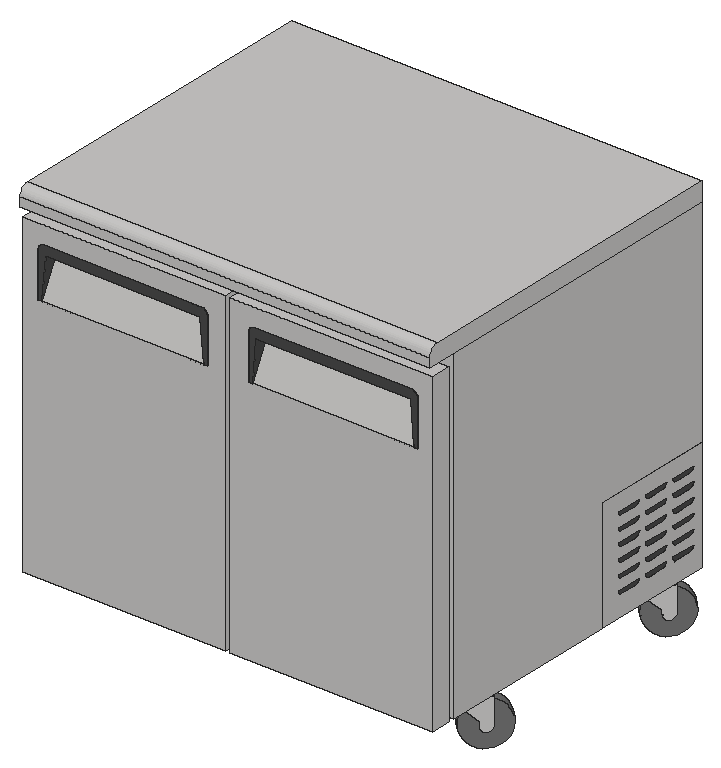
Revit family "QF_Turbo Air_MUR-36", category Specialty Equipment, Revit 2012
Parameters
  Weight in Pounds = 187
  Watermarked By = "http://revitwatermark.com"
  Volts = 115 V
  URL Cutsheet = ""
  URL = "www.turboairinc.com"
  Status [instance] = ""
  Specification by User [instance] = ""
  Specification by Manufacturer [instance] = ""
  Serial Number [instance] = ""
  Revision Code [instance] = ""
  Phase = 1
  Number of Poles [instance] = 1
  NAFEM Spec ID Number [instance] = ""
  Model = "MUR-36"
  Masterspec [instance] = ""
  Manufacturer = "Turbo Air"  # constant formula
  Legs [instance] = [6 inch Legs]  # no
  Item Number [instance] = "-"
  Installed By [instance] = ""
  HP = "1/4"
  Furnished By [instance] = ""
  Foodservice Equipment Identifier = yes
  FL Amps = 6.6 A
  Electrical Remarks [instance] = ""
  Electric Connection Type [instance] = ""
  Elec Conn RI Height [instance] = 0' - 0"
  Elec Conn Connection Height = 1' - 0"
  Description = "Undercounter Refrigerator"
  Cycle = 60 Hz
  Conn Plug = "NEMA 5-15P"
  Casters [instance] = not(Legs)  # yes
  CasterLeg Height [instance] = if([4 inch Casters], 0' 5", if([5 inch Casters], 0' 5 3/4", if([2_5 inch Casters], 0' 3 3/8", 0' 6")))  # 0' - 5"
  CSI MasterFormat = "11 41 13"
  Assembly Code = "E1090320"
  Apparent Power = if(Phase = 3, Volts * FL Amps * 1.73, Volts * FL Amps)  # 759 VA
  6 inch Legs [instance] = no
  5 inch Casters [instance] = no
  4 inch Casters [instance] = yes
  2_5 inch Casters [instance] = no
Reference planes (in)
  plane 1 "BACK": y = 0
  plane 2: z = 0
  plane 3 "LEFT": x = -20.78844
  plane 4 "Bottom": z = 5
  plane 5 "Back Stops": y = 1
  plane 6 "RIGHT": x = 15.46156
  plane 7 "FRONT": y = -30
  plane 8 "Door Clearance": y = -45.75
  plane 9 "Back of Door": y = -27.875
  plane 10 "Front of Box": y = -27.375
  plane 11 "Top of Door": z = 33.125
  plane 12 "TOP": z = 35.625
  plane 13 "Bottom of TOP": z = 34
  plane 14 "Center LR": x = -2.66344
  plane 15: x = -2.47594
  plane 16: x = -2.85094
Forms (in)
  Extrusion 1, solid, material "QF_Finishes_Stainless Steel"
    sketch origin (-20.78844, 0, 0) x (0, 1, 0) y (0, 0, 1)
      loop
        line (0, 5) -> (0, 34) -> (-27.375, 34) -> (-27.375, 5) -> (0, 5)
    from 0 to 36.25
  Extrusion 2, solid, material "QF_Finishes_Black"
    sketch origin (0, -27.375, 0) x (1, 0, 0) y (0, 0, 1)
      loop
        line (-19.78844, 32.125) -> (-19.78844, 6) -> (-3.85094, 6) -> (-3.85094, 32.125) -> (-19.78844, 32.125)
      loop
        line (-1.47594, 32.125) -> (-1.47594, 6) -> (14.46156, 6) -> (14.46156, 32.125) -> (-1.47594, 32.125)
    from 0 to 0.5
  Extrusion 3, void
    sketch origin (15.46156, 0, 0) x (0, 1, 0) y (0, 0, 1)
      loop
        line (0, 5) -> (0, 15) -> (-11, 15) -> (-11, 5) -> (0, 5)
    from 0 to -1
  Extrusion 4, solid, material "QF_Finishes_Stainless Steel"
    sketch origin (15.46156, 0, 0) x (0, 1, 0) y (0, 0, 1)
      loop
        line (-10.875, 14.875) -> (-10.875, 5) -> (0, 5) -> (0, 14.875) -> (-10.875, 14.875)
      loop
        arc (-9.25, 13.5) -> (-9.10355, 13.14645) -> (-8.75, 13) r 0.5
        line (-8.75, 13) -> (-7.25, 13)
        arc (-7.25, 13) -> (-6.89645, 13.14645) -> (-6.75, 13.5) r 0.5
        line (-6.75, 13.5) -> (-9.25, 13.5)
      loop
        arc (-6.25, 13.5) -> (-6.10355, 13.14645) -> (-5.75, 13) r 0.5
        line (-5.75, 13) -> (-4.25, 13)
        arc (-4.25, 13) -> (-3.89645, 13.14645) -> (-3.75, 13.5) r 0.5
        line (-3.75, 13.5) -> (-6.25, 13.5)
      loop
        arc (-3.25, 13.5) -> (-3.10355, 13.14645) -> (-2.75, 13) r 0.5
        line (-2.75, 13) -> (-1.25, 13)
        arc (-1.25, 13) -> (-0.89645, 13.14645) -> (-0.75, 13.5) r 0.5
        line (-0.75, 13.5) -> (-3.25, 13.5)
      loop
        arc (-9.25, 12.25) -> (-9.10355, 11.89645) -> (-8.75, 11.75) r 0.5
        line (-8.75, 11.75) -> (-7.25, 11.75)
        arc (-7.25, 11.75) -> (-6.89645, 11.89645) -> (-6.75, 12.25) r 0.5
        line (-6.75, 12.25) -> (-9.25, 12.25)
      loop
        arc (-6.25, 12.25) -> (-6.10355, 11.89645) -> (-5.75, 11.75) r 0.5
        line (-5.75, 11.75) -> (-4.25, 11.75)
        arc (-4.25, 11.75) -> (-3.89645, 11.89645) -> (-3.75, 12.25) r 0.5
        line (-3.75, 12.25) -> (-6.25, 12.25)
      loop
        arc (-3.25, 12.25) -> (-3.10355, 11.89645) -> (-2.75, 11.75) r 0.5
        line (-2.75, 11.75) -> (-1.25, 11.75)
        arc (-1.25, 11.75) -> (-0.89645, 11.89645) -> (-0.75, 12.25) r 0.5
        line (-0.75, 12.25) -> (-3.25, 12.25)
      loop
        arc (-9.25, 11) -> (-9.10355, 10.64645) -> (-8.75, 10.5) r 0.5
        line (-8.75, 10.5) -> (-7.25, 10.5)
        arc (-7.25, 10.5) -> (-6.89645, 10.64645) -> (-6.75, 11) r 0.5
        line (-6.75, 11) -> (-9.25, 11)
      loop
        arc (-6.25, 11) -> (-6.10355, 10.64645) -> (-5.75, 10.5) r 0.5
        line (-5.75, 10.5) -> (-4.25, 10.5)
        arc (-4.25, 10.5) -> (-3.89645, 10.64645) -> (-3.75, 11) r 0.5
        line (-3.75, 11) -> (-6.25, 11)
      loop
        arc (-3.25, 11) -> (-3.10355, 10.64645) -> (-2.75, 10.5) r 0.5
        line (-2.75, 10.5) -> (-1.25, 10.5)
        arc (-1.25, 10.5) -> (-0.89645, 10.64645) -> (-0.75, 11) r 0.5
        line (-0.75, 11) -> (-3.25, 11)
      loop
        arc (-9.25, 9.75) -> (-9.10355, 9.39645) -> (-8.75, 9.25) r 0.5
        line (-8.75, 9.25) -> (-7.25, 9.25)
        arc (-7.25, 9.25) -> (-6.89645, 9.39645) -> (-6.75, 9.75) r 0.5
        line (-6.75, 9.75) -> (-9.25, 9.75)
      loop
        arc (-6.25, 9.75) -> (-6.10355, 9.39645) -> (-5.75, 9.25) r 0.5
        line (-5.75, 9.25) -> (-4.25, 9.25)
        arc (-4.25, 9.25) -> (-3.89645, 9.39645) -> (-3.75, 9.75) r 0.5
        line (-3.75, 9.75) -> (-6.25, 9.75)
      loop
        arc (-3.25, 9.75) -> (-3.10355, 9.39645) -> (-2.75, 9.25) r 0.5
        line (-2.75, 9.25) -> (-1.25, 9.25)
        arc (-1.25, 9.25) -> (-0.89645, 9.39645) -> (-0.75, 9.75) r 0.5
        line (-0.75, 9.75) -> (-3.25, 9.75)
      loop
        arc (-9.25, 8.5) -> (-9.10355, 8.14645) -> (-8.75, 8) r 0.5
        line (-8.75, 8) -> (-7.25, 8)
        arc (-7.25, 8) -> (-6.89645, 8.14645) -> (-6.75, 8.5) r 0.5
        line (-6.75, 8.5) -> (-9.25, 8.5)
      loop
        arc (-6.25, 8.5) -> (-6.10355, 8.14645) -> (-5.75, 8) r 0.5
        line (-5.75, 8) -> (-4.25, 8)
        arc (-4.25, 8) -> (-3.89645, 8.14645) -> (-3.75, 8.5) r 0.5
        line (-3.75, 8.5) -> (-6.25, 8.5)
      loop
        arc (-3.25, 8.5) -> (-3.10355, 8.14645) -> (-2.75, 8) r 0.5
        line (-2.75, 8) -> (-1.25, 8)
        arc (-1.25, 8) -> (-0.89645, 8.14645) -> (-0.75, 8.5) r 0.5
        line (-0.75, 8.5) -> (-3.25, 8.5)
      loop
        arc (-9.25, 7.25) -> (-9.10355, 6.89645) -> (-8.75, 6.75) r 0.5
        line (-8.75, 6.75) -> (-7.25, 6.75)
        arc (-7.25, 6.75) -> (-6.89645, 6.89645) -> (-6.75, 7.25) r 0.5
        line (-6.75, 7.25) -> (-9.25, 7.25)
      loop
        arc (-6.25, 7.25) -> (-6.10355, 6.89645) -> (-5.75, 6.75) r 0.5
        line (-5.75, 6.75) -> (-4.25, 6.75)
        arc (-4.25, 6.75) -> (-3.89645, 6.89645) -> (-3.75, 7.25) r 0.5
        line (-3.75, 7.25) -> (-6.25, 7.25)
      loop
        arc (-3.25, 7.25) -> (-3.10355, 6.89645) -> (-2.75, 6.75) r 0.5
        line (-2.75, 6.75) -> (-1.25, 6.75)
        arc (-1.25, 6.75) -> (-0.89645, 6.89645) -> (-0.75, 7.25) r 0.5
        line (-0.75, 7.25) -> (-3.25, 7.25)
    from 0 to -1
  Extrusion 5, solid, material "QF_Finishes_Black"
    sketch origin (15.46156, 0, 0) x (0, 1, 0) y (0, 0, 1)
      loop
        line (-9.875, 13.95221) -> (-9.875, 6.20221) -> (-0.375, 6.20221) -> (-0.375, 13.95221) -> (-9.875, 13.95221)
    from -0.125 to -1
  Extrusion 6, solid, material "QF_Finishes_Black"
    sketch origin (0, 0, 0) x (1, 0, 0) y (0, 0, 1)
      loop
        circle (-14.66344, 30.8125) r 0.5
      loop
        circle (9.33656, 30.8125) r 0.5
    from 0 to -1
  Extrusion 7, solid, material "QF_Finishes_Stainless Steel"
    sketch origin (0, 0, 0) x (1, 0, 0) y (0, 0, 1)
      loop
        circle (11.46156, 11.125) r 0.25
    from 0 to -0.0625
  Extrusion 8, solid, material "QF_Finishes_Polished Steel"
    sketch origin (-20.78844, 0, 0) x (0, 1, 0) y (0, 0, 1)
      loop
        line (0, 35.625) -> (-29.1875, 35.625)
        arc (-29.1875, 35.625) -> (-29.76202, 35.38702) -> (-30, 34.8125) r 0.8125
        line (-30, 34.8125) -> (-30, 34) -> (0, 34) -> (0, 35.625)
    from 0 to 36.25
Cuts and joins
  Extrusion 3 cuts Extrusion 1
Lines and regions (in)
  symbolic lines
    curve 1: line (-20.78844, 0, 35.875) -> (15.46156, 0, 35.875)
    curve 2: line (-20.78844, -30, 35.875) -> (-20.78844, 0, 35.875)
    curve 3: line (15.46156, -30, 35.875) -> (-20.78844, -30, 35.875)
    curve 4: line (15.46156, 0, 35.875) -> (15.46156, -30, 35.875)
    curve 5: line (8.83656, 1, 35.875) -> (9.83656, 1, 35.875)
    curve 6: line (-15.16344, 1, 35.875) -> (-14.16344, 1, 35.875)
    curve 7: line (-15.16344, 1, 35.875) -> (-15.16344, 0, 35.875)
    curve 8: line (-14.16344, 1, 35.875) -> (-14.16344, 0, 35.875)
    curve 9: line (8.83656, 1, 35.875) -> (8.83656, 0, 35.875)
    curve 10: line (9.83656, 1, 35.875) -> (9.83656, 0, 35.875)
  symbolic lines, style "QF_Clearances", detail levels coarse
    curve 11: line (15.46156, -30, 35.875) -> (15.46156, -45.75, 35.875)
    curve 12: arc (15.46156, -45.75, 35.875) -> (3.59709, -41.24474, 35.875) -> (-2.28668, -30, 35.875) r 17.875
    curve 13: line (-20.78844, -30, 35.875) -> (-20.78844, -45.75, 35.875)
    curve 14: arc (-20.78844, -45.75, 35.875) -> (-8.92397, -41.24474, 35.875) -> (-3.0402, -30, 35.875) r 17.875
Dimensions and locks (in)
  "CasterLeg Height": plane 4 "Bottom" to plane 2
  locked: plane 1 "BACK" to plane 5 "Back Stops" at 1
  locked: plane 6 "RIGHT" to plane 3 "LEFT" at 36.25
  locked: plane 7 "FRONT" to plane 1 "BACK" at 30
  locked: plane 9 "Back of Door" to plane 10 "Front of Box" at 0.5
  locked: plane 8 "Door Clearance" to plane 1 "BACK" at 45.75
  locked: plane 11 "Top of Door" to Extrusion 2 sketch curve at 1  (x2)
  locked: Extrusion 2 sketch curve to plane 3 "LEFT" at 1
  locked: Extrusion 2 sketch curve to plane 4 "Bottom" at 1  (x2)
  locked: Extrusion 3 sketch curve to plane 1 "BACK" at 11
  locked: Extrusion 3 sketch curve to plane 4 "Bottom" at 10
  locked: plane 4 "Bottom" to Extrusion 4 sketch curve at 9.875
  locked: Extrusion 4 sketch curve to plane 1 "BACK" at 10.875
  locked: Extrusion 5 sketch curve to Extrusion 5 sketch curve at 7.75
  locked: Extrusion 5 sketch curve to plane 4 "Bottom" at 1.20221
  locked: Extrusion 5 sketch curve to Extrusion 5 sketch curve at 9.5
  locked: Extrusion 5 sketch curve to plane 1 "BACK" at 0.375
  locked: nested 1 to plane 1 "BACK" at 2.5625
  locked: plane 3 "LEFT" to nested 1 at 2.5
  locked: plane 3 "LEFT" to nested 2 at 2.5
  locked: plane 10 "Front of Box" to nested 2 at 4.625
  locked: nested 3 to plane 6 "RIGHT" at 2.5
  locked: nested 4 to plane 6 "RIGHT" at 2.5
  locked: plane 10 "Front of Box" to nested 4 at 4.625
  locked: nested 3 to plane 1 "BACK" at 2.5625
  locked: plane 6 "RIGHT" to Extrusion 6 sketch curve at 6.125
  locked: Extrusion 6 sketch curve to plane 3 "LEFT" at 6.125
  locked: Extrusion 7 sketch curve to plane 4 "Bottom" at 6.125
  locked: plane 6 "RIGHT" to Extrusion 7 sketch curve at 4
  locked: plane 12 "TOP" to plane 4 "Bottom" at 30.625
  locked: plane 12 "TOP" to plane 13 "Bottom of TOP" at 1.625
  locked: plane 13 "Bottom of TOP" to plane 11 "Top of Door" at 0.875
  plane 9 "Back of Door" to plane 1 "BACK" = 2' - 3 7/8"
  equal spacing: plane 3 "LEFT", plane 14 "Center LR", plane 6 "RIGHT"
  plane 16 to plane 14 "Center LR" to plane 15 = 0' - 0 3/16" locked, 0' - 0 3/16" locked
  locked: Extrusion 2 sketch curve to plane 16 at 1
  locked: Extrusion 2 sketch curve to plane 6 "RIGHT" at 1
  locked: Extrusion 2 sketch curve to plane 15 at 1
  aligned and locked: level to plane 2
  aligned and locked: Extrusion 1 sketch curve to plane 1 "BACK"
  aligned and locked: Extrusion 1 sketch curve to plane 4 "Bottom"
  aligned and locked: plane 10 "Front of Box" to Extrusion 1 sketch curve
  aligned and locked: plane 6 "RIGHT" to Extrusion 1
  aligned and locked: plane 9 "Back of Door" to Extrusion 2
  aligned and locked: Extrusion 3 sketch curve to plane 1 "BACK"
  aligned and locked: Extrusion 3 sketch curve to plane 4 "Bottom"
  aligned and locked: Extrusion 6 to plane 5 "Back Stops"
  aligned and locked: plane 1 "BACK" to curve 1
  aligned and locked: curve 4 to plane 6 "RIGHT"
  aligned and locked: plane 3 "LEFT" to curve 2
  aligned and locked: curve 3 to plane 7 "FRONT"
  aligned and locked: curve 5 to Extrusion 6
  aligned and locked: curve 6 to Extrusion 6
  aligned and locked: Extrusion 1 sketch curve to plane 13 "Bottom of TOP"
  aligned and locked: plane 1 "BACK" to Extrusion 8 sketch curve
  aligned and locked: plane 13 "Bottom of TOP" to Extrusion 8 sketch curve
  aligned and locked: Extrusion 8 sketch curve to plane 7 "FRONT"
  aligned and locked: Extrusion 8 sketch curve to plane 12 "TOP"
  aligned and locked: plane 6 "RIGHT" to Extrusion 8
  aligned and locked: nested 6 to plane 4 "Bottom"
  aligned and locked: plane 4 "Bottom" to nested 5
Automatic sketch dimensions
  Extrusion 4 sketch curve to plane 1 "BACK" = 0' - 0"
  Extrusion 4 sketch curve to plane 4 "Bottom" = 0' - 0"
  Extrusion 4 sketch curve to Extrusion 4 sketch curve = 0' - 1 5/8"
  Extrusion 4 sketch curve to Extrusion 4 sketch curve = 0' - 0"  (x16)
  Extrusion 4 sketch curve to Extrusion 4 sketch curve = 0' - 0 1/2"  (x31)
  Extrusion 4 sketch curve to Extrusion 4 sketch curve = 0' - 1 1/2"  (x4)
  plane 1 "BACK" to Extrusion 4 sketch curve = 0' - 1 1/4"  (x3)
  plane 4 "Bottom" to Extrusion 4 sketch curve = 0' - 1 3/4"  (x2)
  Extrusion 4 sketch curve to Extrusion 4 sketch curve = 0' - 0 3/4"  (x15)
  Extrusion 6 sketch curve to plane 11 "Top of Door" = 0' - 2 5/16"  (x2)
  Extrusion 8 sketch curve to plane 7 "FRONT" = 0' - 0 13/16"
  plane 8 "Door Clearance" to curve 11 = 0' - 0"
  plane 8 "Door Clearance" to curve 14 = 0' - 0"
  plane 9 "Back of Door" to curve 12 = 0' - 0"
  plane 9 "Back of Door" to curve 14 = 0' - 0"
  curve 10 to plane 6 "RIGHT" = 0' - 5 5/8"
  curve 5 to curve 9 = 0' - 1"
  plane 3 "LEFT" to curve 8 = 0' - 6 5/8"
  curve 6 to curve 7 = 0' - 1"
  radius of Extrusion 6 sketch curve = 0' - 0 1/2"  (x2)
  radius of Extrusion 7 sketch curve = 0' - 0 1/4"
Nested families (in)
  nested 1: "FESCasterLeg" at (-18.28844, -2.5625, 0), Legs <- "Legs", Casters <- "Casters", Height <- "CasterLeg Height", type "FESCasterLeg"
    with Legs no, Height 0' - 5", Casters yes, Caster Radius 0' - 2"
  nested 2: "FESCasterLeg" at (-18.28844, -22.75, 0), Legs <- "Legs", Casters <- "Casters", Height <- "CasterLeg Height", type "FESCasterLeg"
    with Legs no, Height 0' - 5", Casters yes, Caster Radius 0' - 2"
  nested 3: "FESCasterLeg" at (12.96156, -2.5625, 0), Legs <- "Legs", Casters <- "Casters", Height <- "CasterLeg Height", type "FESCasterLeg"
    with Legs no, Height 0' - 5", Casters yes, Caster Radius 0' - 2"
  nested 4: "FESCasterLeg" at (12.96156, -22.75, 0), Legs <- "Legs", Casters <- "Casters", Height <- "CasterLeg Height", type "FESCasterLeg"
    with Legs no, Height 0' - 5", Casters yes, Caster Radius 0' - 2"
  nested 5: "QF_Turbo Air_TBL_Door-1" at (0.28489, -27.875, 5) x (-1, 0, 0) z (0, 0, 1), type "QF_Turbo Air_TBL_Door-1"
    with Width 1' - 5 15/16", Symbolic Lines no, Height 2' - 4 1/8", Handle Width 1' - 3", Depth 0' - 1 13/16"
  nested 6: "QF_Turbo Air_TBL_Door-1" at (-5.61177, -27.875, 5), type "QF_Turbo Air_TBL_Door-1"
    with Width 1' - 5 15/16", Symbolic Lines no, Height 2' - 4 1/8", Handle Width 1' - 3", Depth 0' - 1 13/16"
Connectors (in)
  electrical at (11.46156, 0.0625, 11.125), driven by "Number of Poles", driven by "Volts", driven by "Apparent Power"
    settings: on Extrusion 7, index 1, voltage 115 V, apparent load 759 VA, apparent load phase1 0 VA, apparent load phase2 0 VA, apparent load phase3 0 VA, power factor 1, load classification "Other", number of poles 1, system type 30, power factor state 1, is connector primary yes, connector utility no, sub classification motor no, connector description ""
Definition of nested family "FESCasterLeg"
  Parameters (values of type "FESCasterLeg")
    Watermarked By = "http://revitwatermark.com"
    Type Comments = "⍁⍉⌁⌀⏭⎽⌇⍠⌜⍉⎖⌥⌦⌯⍭⏊⍻⍿⍊⏵⍊⏗⏠⍴⎡⌈⎀⍠⌓⌤⏘⎐⍀⌐⏬⏁⎈⏍⏦⎒⏬⌝⍩⍇⌣〈⎫〉⎁⏊⍥⍖⍥⍝⍦⌖⍀⏌⏭⎝⎼⏷⏞⍻⏯⎽⏷⏞⍻⏯⎽⏷⎺⌻⎝⍎⌧⏷⏟⏿⌿⍜⍦⍤⌁⍬⏶⏎⍊⏚⏉⎞⌡⎀⎪⏈⌟⌿⍾⍼⌟⌿⌢⌞⏜⏝⎽⍷⍷⍯⍧⍷⌯⍽⏸⏨⏾⏎⌣⏺⍹⏼⏅⎏⌽⎫⎪⍙⎓⏗⎗⏅⌴⍏⍏⍿⏑⎺⍘⌭⏲⍥⎛⎾⎾⍞⍌⎪⎲⌙⎥⏏⎟⎟⏼⏘⎏⎝⏧⏍⏁⍏⍧⏯⏾⌟"
    Legs [instance] = yes
    Height [instance] = 0' - 6"
    Caster Radius [instance] = if(Height < 0' 3", 0' 1", (Height / 2) - 0' 0 1/2")  # 0' - 2 1/2"
    Casters [instance] = yes
    Assembly Code = ""
  Reference planes (in)
    plane 1 "Center (Front/Back)": y = 0
    plane 2: z = 0
    plane 3 "Center (Left/Right)": x = 0
    plane 4: z = 6
    plane 5: z = 5.5
  Forms (in)
    Extrusion 1, solid, material "QF_Finishes_Stainless Steel", visible <- "Casters"
      sketch origin (-24.12131, -22.88887, 10.18833) x (0.707107, 0.707107, 0) y (0, 0, 1)
        loop
          line (34.98772, -7.68833) -> (34.98772, -4.93833) -> (34.48772, -4.93833) -> (34.39402, -4.68833) -> (32.39402, -4.68833) -> (32.39402, -5.43833) -> (33.98772, -7.34206) -> (33.98772, -7.68833)
          arc (33.98772, -7.68833) -> (34.48772, -8.18833) -> (34.98772, -7.68833) r 0.5
      from 0 to 1.75
    Extrusion 2, solid, material "QF_Finishes_Rubber Black", visible <- "Casters"
      sketch origin (-24.32327, -23.09083, 13.31461) x (0.707107, 0.707107, 0) y (0, 0, 1)
        loop
          circle (34.77334, -10.81461) r 2.5
      from 0.375 to 1.375
    Extrusion 3, solid, material "QF_Finishes_Stainless Steel", visible <- "Casters"
      sketch origin (-7.24148, -8.48391, 0) x (0.707107, 0.707107, 0) y (0, 0, 1)
        loop
          line (10.61603, 5.5) -> (11.61603, 5.5) -> (11.61603, 6) -> (10.61603, 6) -> (10.61603, 5.5)
      from 0 to -1.75
    Blend 4, solid, material "QF_Finishes_Stainless Steel", visible <- "Legs"
      base sketch origin (0, 0, 0) x (1, 0, 0) y (0, 1, 0)
        loop
          circle (0, 0) r 0.5
      top sketch origin (0, 0, 0) x (1, 0, 0) y (0, 1, 0)
        loop
          circle (0, 0) r 1
      from 0 to 6 <- "Height"
  Lines and regions (in)
    symbolic lines, style "QF_Hidden Details", visible <- "Casters", built-in parameter 1006206 <- "Casters"
      curve 1: line (-1.26158, -0.51911, 0) -> (1.39007, 2.13254, 0)
      curve 2: line (-0.53429, -1.24639, 0) -> (2.11736, 1.40526, 0)
    symbolic lines, style "QF_Hidden Details", built-in parameter 1006206 <- "Casters", visible <- "Casters"
      curve 3: line (-1.26158, -0.51911, 0) -> (1.39007, 2.13254, 0)
      curve 4: line (-0.53429, -1.24639, 0) -> (2.11736, 1.40526, 0)
  Dimensions and locks (in)
    locked: plane 4 to plane 5 at 0.5
    "Height": plane 4 to level
    "Caster Radius": Extrusion 2 sketch curve to level
    "Caster Radius": Extrusion 1 sketch curve to level
    "Caster Radius": radius of Extrusion 2 sketch curve
    aligned and locked: plane 2 to level
    aligned: Blend 4 to Extrusion 3
    aligned and locked: plane 4 to Blend 4
    aligned and locked: Extrusion 3 to plane 5
    aligned and locked: plane 4 to Extrusion 3
    aligned and locked: plane 5 to Extrusion 1
  Automatic sketch dimensions
    plane 1 "Center (Front/Back)" to curve 3 = 0' - 0.51911"
    curve 3 to plane 3 "Center (Left/Right)" = 0' - 1.26158"
    plane 1 "Center (Front/Back)" to curve 1 = 0' - 0.51911"
    curve 1 to curve 3 = 0' - 0"  (x3)
    curve 4 to plane 3 "Center (Left/Right)" = 0' - 0.53429"
    curve 2 to curve 4 = 0' - 0"  (x2)
    plane 3 "Center (Left/Right)" to curve 3 = 0' - 1.39007"
    curve 1 to curve 4 = 0' - 0.72729"
    curve 2 to curve 1 = 0' - 0.72729"
    curve 4 to curve 2 = 0' - 0"  (x2)
    curve 2 to plane 1 "Center (Front/Back)" = 0' - 1.40526"
    curve 2 to curve 3 = 0' - 0.72729"
    plane 5 to Extrusion 1 sketch curve = 0' - 0"
    Extrusion 1 sketch curve to Extrusion 1 sketch curve = 0' - 1.5937"
    Extrusion 1 sketch curve to Extrusion 1 sketch curve = 0' - 2"
    Extrusion 1 sketch curve to Extrusion 1 sketch curve = 0' - 0.0937"
    Extrusion 1 sketch curve to Extrusion 1 sketch curve = 0' - 0 1/2"
    Extrusion 1 sketch curve to Extrusion 1 sketch curve = 0' - 0.34627"
    Extrusion 1 sketch curve to plane 5 = 0' - 0 3/4"
    Extrusion 1 sketch curve to plane 5 = 0' - 0 1/4"
    Extrusion 3 sketch curve to plane 5 = 0' - 0"
    plane 4 to Extrusion 3 sketch curve = 0' - 0"
    Extrusion 3 sketch curve to Extrusion 3 sketch curve = 0' - 1"
    plane 1 "Center (Front/Back)" to Blend 4 sketch curve = 0' - 0"  (x2)
    Blend 4 sketch curve to plane 3 "Center (Left/Right)" = 0' - 0"  (x2)
    radius of Blend 4 sketch curve = 0' - 0 1/2"
    radius of Blend 4 sketch curve = 0' - 1"
Definition of nested family "QF_Turbo Air_TBL_Door-1"
  Parameters (values of type "QF_Turbo Air_TBL_Door-1")
    Width [instance] = 2' - 5 5/16"
    Watermarked By = "http://revitwatermark.com"
    Symbolic Lines [instance] = yes
    Manufacturer = "Turbo Air"  # constant formula
    Height [instance] = 2' - 3 7/16"
    Handle Width [instance] = 1' - 5 5/8"
    Depth [instance] = 0' - 1 13/16"
  Reference planes (in)
    plane 1 "BACK": y = 0
    plane 2: z = 0
    plane 3 "LEFT": x = -15.17667
    plane 4: x = 14.13583
    plane 5 "FRONT": y = -1.8125
    plane 6: z = 27.4375
    plane 7 "Right of Handle": x = 12.51083
    plane 8 "Left of Handle": x = -5.11417
  Forms (in)
    Extrusion 1, solid, material "QF_Finishes_Black"
      sketch origin (-31.11417, 0, 15.01083) x (0, 0, -1) y (1, 0, 0)
        loop
          arc (-10.23917, 43.625) -> (-10.63691, 43.46025) -> (-10.80167, 43.0625) r 0.5625
          line (-10.80167, 43.0625) -> (-10.80167, 26.5625)
          arc (-10.80167, 26.5625) -> (-10.63691, 26.16475) -> (-10.23917, 26) r 0.5625
          line (-10.23917, 26) -> (-6.30167, 26) -> (-6.30167, 26.34375) -> (-9.98917, 26.66636) -> (-9.98917, 42.95864) -> (-6.30167, 43.28125) -> (-6.30167, 43.625) -> (-10.23917, 43.625)
      from 0 to 1.8125
    Extrusion 2, solid, material "QF_Finishes_Stainless Steel"
      sketch origin (-5.14542, 0, 15.01083) x (0, 1, 0) y (0, 0, 1)
        loop
          line (-1.8125, 6.30167) -> (0, 6.30167) -> (0, 9.98917) -> (-0.47036, 9.98917) -> (-1.8125, 6.30167)
      from 0.375 to 17.3125
    Extrusion 3, solid, material "QF_Finishes_Stainless Steel"
      sketch origin (0, 0, 0) x (1, 0, 0) y (0, 0, 1)
        loop
          line (-15.17667, 27.4375) -> (-15.17667, 0) -> (14.13583, 0) -> (14.13583, 27.4375) -> (-15.17667, 27.4375)
        loop
          arc (-4.55167, 25.8125) -> (-4.94941, 25.64775) -> (-5.11417, 25.25) r 0.5625
          line (-5.11417, 25.25) -> (-5.11417, 21.3125) -> (12.51083, 21.3125) -> (12.51083, 25.25)
          arc (12.51083, 25.25) -> (12.34608, 25.64775) -> (11.94833, 25.8125) r 0.5625
          line (11.94833, 25.8125) -> (-4.55167, 25.8125)
      from 0 to 1.8125
  Lines and regions (in)
    symbolic lines, visible <- "Symbolic Lines"
      curve 1: line (-15.17667, 0, 25.96875) -> (14.13583, 0, 25.96875)
      curve 2: line (-15.17667, -1.8125, 25.96875) -> (-15.17667, 0, 25.96875)
      curve 3: line (14.13583, -1.8125, 25.96875) -> (-15.17667, -1.8125, 25.96875)
      curve 4: line (14.13583, 0, 25.96875) -> (14.13583, -1.8125, 25.96875)
  Dimensions and locks (in)
    "Width": plane 4 to plane 3 "LEFT"
    "Depth": plane 5 "FRONT" to plane 1 "BACK"
    "Height": plane 6 to plane 2
    locked: Extrusion 3 sketch curve to Extrusion 3 sketch curve at 4.5
    locked: plane 6 to Extrusion 3 sketch curve at 1.625
    locked: plane 6 to Extrusion 1 sketch curve at 1.625
    locked: Extrusion 1 sketch curve to Extrusion 1 sketch curve at 0.8125
    locked: Extrusion 1 sketch curve to Extrusion 1 sketch curve at 4.5  (x2)
    locked: plane 6 to Extrusion 2 sketch curve at 2.4375
    locked: Extrusion 2 sketch curve to Extrusion 2 sketch curve at 3.6875
    locked: Extrusion 2 sketch curve to plane 5 "FRONT" at 1.34214
    locked: plane 7 "Right of Handle" to plane 4 at 1.625
    "Handle Width": plane 8 "Left of Handle" to plane 7 "Right of Handle"
    locked: Extrusion 1 sketch curve to plane 8 "Left of Handle" at 0.34375
    locked: Extrusion 1 sketch curve to plane 8 "Left of Handle" at 0.66636
    locked: Extrusion 1 sketch curve to plane 8 "Left of Handle" at 0.5625
    locked: plane 7 "Right of Handle" to Extrusion 1 sketch curve at 0.34375
    locked: plane 7 "Right of Handle" to Extrusion 1 sketch curve at 0.66636
    locked: plane 7 "Right of Handle" to Extrusion 1 sketch curve at 0.5625
    locked: plane 8 "Left of Handle" to Extrusion 2 at 0.34375
    locked: plane 7 "Right of Handle" to Extrusion 2 at 0.34375
    aligned and locked: level to plane 2
    aligned and locked: Extrusion 3 sketch curve to plane 6
    aligned and locked: plane 3 "LEFT" to Extrusion 3 sketch curve
    aligned and locked: level to Extrusion 3 sketch curve
    aligned and locked: Extrusion 3 sketch curve to plane 4
    aligned and locked: plane 5 "FRONT" to Extrusion 3
    aligned and locked: Extrusion 2 sketch curve to plane 1 "BACK"
    aligned and locked: plane 1 "BACK" to curve 1
    aligned and locked: plane 3 "LEFT" to curve 2
    aligned and locked: curve 3 to plane 5 "FRONT"
    aligned and locked: curve 4 to plane 4
    aligned and locked: Extrusion 3 sketch curve to plane 7 "Right of Handle"
    aligned and locked: Extrusion 3 sketch curve to plane 8 "Left of Handle"
    aligned and locked: Extrusion 1 sketch curve to plane 7 "Right of Handle"
    aligned and locked: plane 8 "Left of Handle" to Extrusion 1 sketch curve
  Automatic sketch dimensions
    Extrusion 3 sketch curve to Extrusion 3 sketch curve = 0' - 0 9/16"  (x2)
    Extrusion 2 sketch curve to plane 5 "FRONT" = 0' - 0"
